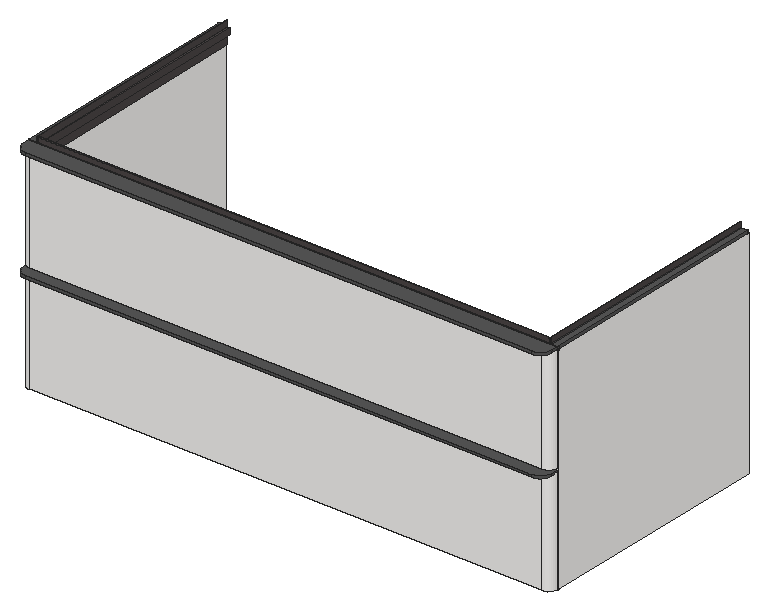
Revit family "vanity unit with 2 drawers for consoles with bowl", category Furniture, Revit 2019 (continued)
Definition of nested family "vanity unit 1180_550 with 2 drawers for consoles with bowl-54085000-dark walnut-chrome-400_content"
  Parameters (values of type "Vanity unit 1180_550 with 2 drawers for consoles with bowl-54085000-Dark Walnut-CHROME-400_Content")
    ContentVisible [instance] = yes
    CATALOG = "Hansgrohe"
    BIMOBJECT = "Sanitary: Compound units"
    BASENUMBER = "Vanity unit 1180/550 with 2 drawers for consoles with bowl"
    ARTNR = "54085000"
  Reference planes
    plane 1 "Center (Front/Back)": y = 0
    plane 2: z = 0
    plane 3 "Center (Left/Right)": x = 0
  Forms (mm)
    Extrusion 1, solid, visible <- "ContentVisible", detail levels medium+fine
      sketch origin (0, 0, 0) x (1, 0, 0) y (0, 1, 0)
        loop
          line (-590, 0) -> (-590, -527)
          arc (-590, -527) -> (-589.121, -529.121) -> (-587, -530) r 3
          line (-587, -530) -> (-574, -530) -> (-574, 0) -> (-590, 0)
      from 0 to 480
    Extrusion 2, solid, visible <- "ContentVisible", detail levels medium+fine
      sketch origin (0, 0, 0) x (1, 0, 0) y (0, 1, 0)
        loop
          line (-574, -133) -> (-574, -499.5) -> (574, -499.5) -> (574, -133) -> (-574, -133)
      from 0 to 16
    Extrusion 3, solid, visible <- "ContentVisible", detail levels medium+fine
      sketch origin (0, 0, 0) x (1, 0, 0) y (0, 1, 0)
        loop
          line (574, 0) -> (574, -530) -> (587, -530)
          arc (587, -530) -> (589.121, -529.121) -> (590, -527) r 3
          line (590, -527) -> (590, 0) -> (574, 0)
      from 0 to 480
    Extrusion 4, solid, visible <- "ContentVisible", detail levels medium+fine
      sketch origin (0, 0, 0) x (1, 0, 0) y (0, 1, 0)
        loop
          line (-574, -117) -> (-574, -133) -> (574, -133) -> (574, -117) -> (-574, -117)
      from 0 to 126
    Extrusion 5, solid, visible <- "ContentVisible", detail levels medium+fine
      sketch origin (0, 0, 2) x (1, 0, 0) y (0, 1, 0)
        loop
          arc (-590, -532) -> (-584.435, -545.435) -> (-571, -551) r 19
          line (-571, -551) -> (571, -551)
          arc (571, -551) -> (584.435, -545.435) -> (590, -532) r 19
          line (590, -532) -> (590, -530) -> (-590, -530) -> (-590, -532)
      from 0 to 234
    Extrusion 6, solid, visible <- "ContentVisible", detail levels medium+fine
      sketch origin (0, 0, 234) x (1, 0, 0) y (0, 1, 0)
        loop
          line (-588.5, -530) -> (-588.5, -546)
          arc (-588.5, -546) -> (-581.178, -563.678) -> (-563.5, -571) r 25
          line (-563.5, -571) -> (563.5, -571)
          arc (563.5, -571) -> (581.178, -563.678) -> (588.5, -546) r 25
          line (588.5, -546) -> (588.5, -530) -> (568.5, -530) -> (568.5, -528.5) -> (-568.5, -528.5) -> (-568.5, -530) -> (-588.5, -530)
      from 0 to 5
    Extrusion 7, solid, visible <- "ContentVisible", detail levels medium+fine
      sketch origin (0, 0, 0) x (0, 0, -1) y (0, 1, 0)
        loop
          line (-239, -528.5) -> (-239, -530) -> (-209, -530) -> (-209, -528.5) -> (-239, -528.5)
      from -568.5 to 568.5
    Extrusion 8, solid, visible <- "ContentVisible", detail levels medium+fine
      sketch origin (0, 0, 245) x (1, 0, 0) y (0, 1, 0)
        loop
          arc (-590, -532) -> (-584.435, -545.435) -> (-571, -551) r 19
          line (-571, -551) -> (571, -551)
          arc (571, -551) -> (584.435, -545.435) -> (590, -532) r 19
          line (590, -532) -> (590, -530) -> (-590, -530) -> (-590, -532)
      from 0 to 235
    Extrusion 9, solid, visible <- "ContentVisible", detail levels medium+fine
      sketch origin (0, 0, 480) x (1, 0, 0) y (0, 1, 0)
        loop
          line (-588.5, -530) -> (-588.5, -546)
          arc (-588.5, -546) -> (-581.178, -563.678) -> (-563.5, -571) r 25
          line (-563.5, -571) -> (563.5, -571)
          arc (563.5, -571) -> (581.178, -563.678) -> (588.5, -546) r 25
          line (588.5, -546) -> (588.5, -530) -> (568.5, -530) -> (568.5, -528.5) -> (-568.5, -528.5) -> (-568.5, -530) -> (-588.5, -530)
      from 0 to 5
    Extrusion 10, solid, visible <- "ContentVisible", detail levels medium+fine
      sketch origin (0, 0, 0) x (0, 0, -1) y (0, 1, 0)
        loop
          line (-485, -528.5) -> (-485, -530) -> (-455, -530) -> (-455, -528.5) -> (-485, -528.5)
      from -568.5 to 568.5
    Extrusion 11, solid, visible <- "ContentVisible", detail levels medium+fine
      sketch origin (0, 0, 0) x (1, 0, 0) y (0, 0, -1)
        loop
          line (-574, -447) -> (-574, -485) -> (-572.5, -485) -> (-572.5, -447) -> (-574, -447)
      from -530 to 0
    Extrusion 12, solid, visible <- "ContentVisible", detail levels medium+fine
      sketch origin (0, 0, 0) x (1, 0, 0) y (0, 0, -1)
        loop
          line (572.5, -446.8) -> (572.5, -485) -> (574, -485) -> (574, -446.8) -> (572.5, -446.8)
      from -530 to 0
    Extrusion 13, solid, visible <- "ContentVisible", detail levels medium+fine
      sketch origin (0, 0, 480) x (1, 0, 0) y (0, 1, 0)
        loop
          line (-590, -3) -> (-590, -527)
          arc (-590, -527) -> (-589.121, -529.121) -> (-587, -530) r 3
          line (-587, -530) -> (-574, -530) -> (-574, 0) -> (-587, 0)
          arc (-587, 0) -> (-589.121, -0.879) -> (-590, -3) r 3
      from 0 to 5
    Extrusion 14, solid, visible <- "ContentVisible", detail levels medium+fine
      sketch origin (0, 0, 480) x (1, 0, 0) y (0, 1, 0)
        loop
          line (574, 0) -> (574, -530) -> (587, -530)
          arc (587, -530) -> (589.121, -529.121) -> (590, -527) r 3
          line (590, -527) -> (590, -3)
          arc (590, -3) -> (589.121, -0.879) -> (587, 0) r 3
          line (587, 0) -> (574, 0)
      from 0 to 5
    Extrusion 15, solid, visible <- "ContentVisible", detail levels medium+fine
      sketch origin (0, 0, 0) x (1, 0, 0) y (0, 0, -1)
        loop
          line (-572.5, -447) -> (-572.5, -496) -> (-571, -496) -> (-571, -483) -> (-566.4, -483) -> (-566.4, -468.5) -> (-571, -468.5) -> (-571, -447) -> (-572.5, -447)
      from -528.5 to 0
    Extrusion 16, solid, visible <- "ContentVisible", detail levels medium+fine
      sketch origin (0, 0, 0) x (1, 0, 0) y (0, 0, -1)
        loop
          line (566.4, -468.5) -> (566.4, -483) -> (571, -483) -> (571, -496) -> (572.5, -496) -> (572.5, -447) -> (571, -447) -> (571, -468.5) -> (566.4, -468.5)
      from -528.5 to 0
    Extrusion 17, solid, visible <- "ContentVisible", detail levels medium+fine
      sketch origin (0, 0, 0) x (0, 0, -1) y (0, 1, 0)
        loop
          line (-496, -528.5) -> (-447, -528.5) -> (-447, -527) -> (-468.5, -527) -> (-468.5, -522.4) -> (-483, -522.4) -> (-483, -527) -> (-496, -527) -> (-496, -528.5)
      from -572.5 to 572.5
    Extrusion 18, solid, visible <- "ContentVisible", detail levels coarse
      sketch origin (0, -285.5, 0) x (1, 0, 0) y (0, 1, 0)
        loop
          line (-590, -285.5) -> (590, -285.5) -> (590, 285.5) -> (-590, 285.5) -> (-590, -285.5)
      from 0 to 496
  Dimensions and locks
    aligned and locked: level to plane 2
Definition of nested family "vanity unit 1180_550 with 2 drawers for consoles with bowl-54085670-dark walnut-matt_black-200_content"
  Parameters (values of type "Vanity unit 1180_550 with 2 drawers for consoles with bowl-54085670-Dark Walnut-MATT_BLACK-200_Content")
    etim7_EC011381 = "EC011381"
    WEIGHT = "42.7"
    UNSPSC = "56 | Furniture and Furnishings"
    UNIFORMATII = "E2010 | Fixed Furnishings"
    UNICLASS_2015_CODE = "40_30_78_05"
    UNICLASS2015 = "Pr_40_30_78_05 | Bathroom furniture"
    SURFACE = "MATT_BLACK"
    REGIONSET = "Worldwide"
    PRODUCTURL = "https://pro.hansgrohe.com/articledetail--54085000"
    PRODUCTGROUP = "vanity unit"
    PRODUCTFAMILY = "Xelu Q"
    PERMALINK = "54085XXX"
    OMNICLASS = "23-21 19 15 33 13 | Residential Bathroom Specialty Casework"
    OBJECTTYPE = "Object (single object)"
    OBERFLAECHE = "Dark Walnut"
    NN = "Vanity unit with 2 drawers for consoles with bowl"
    NBSYN = "$BASENUMBER.-$ARTNR.-$OBERFLAECHE.-$SURFACE.-$LODLEVEL."
    NB = "Vanity unit 1180/550 with 2 drawers for consoles with bowl-54085670-Dark Walnut-MATT_BLACK-200"
    NAME = "Xelu Q Vanity unit Dark Walnut 1180/550 with 2 drawers for consoles with bowl"
    Model = "Vanity unit 1180/550 with 2 drawers for consoles with bowl-54085670-Dark Walnut-MATT_BLACK-200"
    Manufacturer = "Hansgrohe"
    MASTERFORMAT = "12 35 30.23 | Bathroom Casework"
    LODLEVEL = "200"
    LINA = "Vanity unit 1180/550 with 2 drawers for consoles with bowl-54085670-Dark Walnut-MATT_BLACK-200"
    L = 1180
    IFC = "Furnishing element"
    GTINCODE = "4059625457009"
    ETIM = "EC011381 | Bathroom furniture set"
    Default Elevation = 1219.2 mm
    DESIGN = "Germany"
    ContentVisible [instance] = yes
    CATALOG = "Hansgrohe"
    BIMOBJECT = "Sanitary: Compound units"
    BASENUMBER = "Vanity unit 1180/550 with 2 drawers for consoles with bowl"
    ARTNR = "54085670"
  Reference planes
    plane 1 "Center (Front/Back)": y = 0
    plane 2: z = 0
    plane 3 "Center (Left/Right)": x = 0
  Forms (mm)
    Extrusion 1, solid, visible <- "ContentVisible", detail levels medium+fine
      sketch origin (0, 0, 0) x (1, 0, 0) y (0, 1, 0)
        loop
          line (-590, 0) -> (-590, -551) -> (590, -551) -> (590, 0) -> (574, 0) -> (574, -117) -> (-574, -117) -> (-574, 0) -> (-590, 0)
      from 0 to 480
    Extrusion 2, solid, visible <- "ContentVisible", detail levels medium+fine
      sketch origin (0, 0, 234) x (1, 0, 0) y (0, 1, 0)
        loop
          line (-588.5, -528.5) -> (-588.5, -571) -> (588.5, -571) -> (588.5, -528.5) -> (-588.5, -528.5)
      from 0 to 5
    Extrusion 3, solid, visible <- "ContentVisible", detail levels medium+fine
      sketch origin (0, 0, 480) x (1, 0, 0) y (0, 1, 0)
        loop
          line (-588.5, -528.5) -> (-588.5, -571) -> (588.5, -571) -> (588.5, -528.5) -> (-588.5, -528.5)
      from 0 to 5
    Extrusion 4, solid, visible <- "ContentVisible", detail levels medium+fine
      sketch origin (0, 0, 0) x (1, 0, 0) y (0, 0, -1)
        loop
          line (-574, -447) -> (-574, -485) -> (-572.5, -485) -> (-572.5, -447) -> (-574, -447)
      from -530 to 0
    Extrusion 5, solid, visible <- "ContentVisible", detail levels medium+fine
      sketch origin (0, 0, 0) x (1, 0, 0) y (0, 0, -1)
        loop
          line (572.5, -446.8) -> (572.5, -485) -> (574, -485) -> (574, -446.8) -> (572.5, -446.8)
      from -530 to 0
    Extrusion 6, solid, visible <- "ContentVisible", detail levels medium+fine
      sketch origin (0, 0, 480) x (1, 0, 0) y (0, 1, 0)
        loop
          line (-590, 0) -> (-590, -530) -> (-574, -530) -> (-574, 0) -> (-590, 0)
      from 0 to 5
    Extrusion 7, solid, visible <- "ContentVisible", detail levels medium+fine
      sketch origin (0, 0, 480) x (1, 0, 0) y (0, 1, 0)
        loop
          line (574, 0) -> (574, -530) -> (590, -530) -> (590, 0) -> (574, 0)
      from 0 to 5
    Extrusion 8, solid, visible <- "ContentVisible", detail levels medium+fine
      sketch origin (0, 0, 0) x (1, 0, 0) y (0, 0, -1)
        loop
          line (-572.5, -447) -> (-572.5, -496) -> (-566.4, -496) -> (-566.4, -447) -> (-572.5, -447)
      from -528.5 to 0
    Extrusion 9, solid, visible <- "ContentVisible", detail levels medium+fine
      sketch origin (0, 0, 0) x (1, 0, 0) y (0, 0, -1)
        loop
          line (566.4, -447) -> (566.4, -496) -> (572.5, -496) -> (572.5, -447) -> (566.4, -447)
      from -528.5 to 0
    Extrusion 10, solid, visible <- "ContentVisible", detail levels medium+fine
      sketch origin (0, 0, 0) x (0, 0, -1) y (0, 1, 0)
        loop
          line (-496, -528.5) -> (-447, -528.5) -> (-447, -522.4) -> (-496, -522.4) -> (-496, -528.5)
      from -572.5 to 572.5
    Extrusion 11, solid, visible <- "ContentVisible", detail levels coarse
      sketch origin (0, -285.5, 0) x (1, 0, 0) y (0, 1, 0)
        loop
          line (-590, -285.5) -> (590, -285.5) -> (590, 285.5) -> (-590, 285.5) -> (-590, -285.5)
      from 0 to 496
  Dimensions and locks
    aligned and locked: level to plane 2
Definition of nested family "vanity unit 1180_550 with 2 drawers for consoles with bowl-54085670-dark walnut-matt_black-400_content"
  Parameters (values of type "Vanity unit 1180_550 with 2 drawers for consoles with bowl-54085670-Dark Walnut-MATT_BLACK-400_Content")
    etim7_EC011381 = "EC011381"
    WEIGHT = "42.7"
    UNSPSC = "56 | Furniture and Furnishings"
    UNIFORMATII = "E2010 | Fixed Furnishings"
    UNICLASS_2015_CODE = "40_30_78_05"
    UNICLASS2015 = "Pr_40_30_78_05 | Bathroom furniture"
    SURFACE = "MATT_BLACK"
    REGIONSET = "Worldwide"
    PRODUCTURL = "https://pro.hansgrohe.com/articledetail--54085000"
    PRODUCTGROUP = "vanity unit"
    PRODUCTFAMILY = "Xelu Q"
    PERMALINK = "54085XXX"
    OMNICLASS = "23-21 19 15 33 13 | Residential Bathroom Specialty Casework"
    OBJECTTYPE = "Object (single object)"
    OBERFLAECHE = "Dark Walnut"
    NN = "Vanity unit with 2 drawers for consoles with bowl"
    NBSYN = "$BASENUMBER.-$ARTNR.-$OBERFLAECHE.-$SURFACE.-$LODLEVEL."
    NB = "Vanity unit 1180/550 with 2 drawers for consoles with bowl-54085670-Dark Walnut-MATT_BLACK-400"
    NAME = "Xelu Q Vanity unit Dark Walnut 1180/550 with 2 drawers for consoles with bowl"
    Model = "Vanity unit 1180/550 with 2 drawers for consoles with bowl-54085670-Dark Walnut-MATT_BLACK-400"
    Manufacturer = "Hansgrohe"
    MASTERFORMAT = "12 35 30.23 | Bathroom Casework"
    LODLEVEL = "400"
    LINA = "Vanity unit 1180/550 with 2 drawers for consoles with bowl-54085670-Dark Walnut-MATT_BLACK-400"
    L = 1180
    IFC = "Furnishing element"
    GTINCODE = "4059625457009"
    ETIM = "EC011381 | Bathroom furniture set"
    Default Elevation = 1219.2 mm
    DESIGN = "Germany"
    ContentVisible [instance] = yes
    CATALOG = "Hansgrohe"
    BIMOBJECT = "Sanitary: Compound units"
    BASENUMBER = "Vanity unit 1180/550 with 2 drawers for consoles with bowl"
    ARTNR = "54085670"
  Reference planes
    plane 1 "Center (Front/Back)": y = 0
    plane 2: z = 0
    plane 3 "Center (Left/Right)": x = 0
  Forms (mm)
    Extrusion 1, solid, visible <- "ContentVisible", detail levels medium+fine
      sketch origin (0, 0, 0) x (1, 0, 0) y (0, 1, 0)
        loop
          line (-590, 0) -> (-590, -527)
          arc (-590, -527) -> (-589.121, -529.121) -> (-587, -530) r 3
          line (-587, -530) -> (-574, -530) -> (-574, 0) -> (-590, 0)
      from 0 to 480
    Extrusion 2, solid, visible <- "ContentVisible", detail levels medium+fine
      sketch origin (0, 0, 0) x (1, 0, 0) y (0, 1, 0)
        loop
          line (-574, -133) -> (-574, -499.5) -> (574, -499.5) -> (574, -133) -> (-574, -133)
      from 0 to 16
    Extrusion 3, solid, visible <- "ContentVisible", detail levels medium+fine
      sketch origin (0, 0, 0) x (1, 0, 0) y (0, 1, 0)
        loop
          line (574, 0) -> (574, -530) -> (587, -530)
          arc (587, -530) -> (589.121, -529.121) -> (590, -527) r 3
          line (590, -527) -> (590, 0) -> (574, 0)
      from 0 to 480
    Extrusion 4, solid, visible <- "ContentVisible", detail levels medium+fine
      sketch origin (0, 0, 0) x (1, 0, 0) y (0, 1, 0)
        loop
          line (-574, -117) -> (-574, -133) -> (574, -133) -> (574, -117) -> (-574, -117)
      from 0 to 126
    Extrusion 5, solid, visible <- "ContentVisible", detail levels medium+fine
      sketch origin (0, 0, 2) x (1, 0, 0) y (0, 1, 0)
        loop
          arc (-590, -532) -> (-584.435, -545.435) -> (-571, -551) r 19
          line (-571, -551) -> (571, -551)
          arc (571, -551) -> (584.435, -545.435) -> (590, -532) r 19
          line (590, -532) -> (590, -530) -> (-590, -530) -> (-590, -532)
      from 0 to 234
    Extrusion 6, solid, visible <- "ContentVisible", detail levels medium+fine
      sketch origin (0, 0, 234) x (1, 0, 0) y (0, 1, 0)
        loop
          line (-588.5, -530) -> (-588.5, -546)
          arc (-588.5, -546) -> (-581.178, -563.678) -> (-563.5, -571) r 25
          line (-563.5, -571) -> (563.5, -571)
          arc (563.5, -571) -> (581.178, -563.678) -> (588.5, -546) r 25
          line (588.5, -546) -> (588.5, -530) -> (568.5, -530) -> (568.5, -528.5) -> (-568.5, -528.5) -> (-568.5, -530) -> (-588.5, -530)
      from 0 to 5
    Extrusion 7, solid, visible <- "ContentVisible", detail levels medium+fine
      sketch origin (0, 0, 0) x (0, 0, -1) y (0, 1, 0)
        loop
          line (-239, -528.5) -> (-239, -530) -> (-209, -530) -> (-209, -528.5) -> (-239, -528.5)
      from -568.5 to 568.5
    Extrusion 8, solid, visible <- "ContentVisible", detail levels medium+fine
      sketch origin (0, 0, 245) x (1, 0, 0) y (0, 1, 0)
        loop
          arc (-590, -532) -> (-584.435, -545.435) -> (-571, -551) r 19
          line (-571, -551) -> (571, -551)
          arc (571, -551) -> (584.435, -545.435) -> (590, -532) r 19
          line (590, -532) -> (590, -530) -> (-590, -530) -> (-590, -532)
      from 0 to 235
    Extrusion 9, solid, visible <- "ContentVisible", detail levels medium+fine
      sketch origin (0, 0, 480) x (1, 0, 0) y (0, 1, 0)
        loop
          line (-588.5, -530) -> (-588.5, -546)
          arc (-588.5, -546) -> (-581.178, -563.678) -> (-563.5, -571) r 25
          line (-563.5, -571) -> (563.5, -571)
          arc (563.5, -571) -> (581.178, -563.678) -> (588.5, -546) r 25
          line (588.5, -546) -> (588.5, -530) -> (568.5, -530) -> (568.5, -528.5) -> (-568.5, -528.5) -> (-568.5, -530) -> (-588.5, -530)
      from 0 to 5
    Extrusion 10, solid, visible <- "ContentVisible", detail levels medium+fine
      sketch origin (0, 0, 0) x (0, 0, -1) y (0, 1, 0)
        loop
          line (-485, -528.5) -> (-485, -530) -> (-455, -530) -> (-455, -528.5) -> (-485, -528.5)
      from -568.5 to 568.5
    Extrusion 11, solid, visible <- "ContentVisible", detail levels medium+fine
      sketch origin (0, 0, 0) x (1, 0, 0) y (0, 0, -1)
        loop
          line (-574, -447) -> (-574, -485) -> (-572.5, -485) -> (-572.5, -447) -> (-574, -447)
      from -530 to 0
    Extrusion 12, solid, visible <- "ContentVisible", detail levels medium+fine
      sketch origin (0, 0, 0) x (1, 0, 0) y (0, 0, -1)
        loop
          line (572.5, -446.8) -> (572.5, -485) -> (574, -485) -> (574, -446.8) -> (572.5, -446.8)
      from -530 to 0
    Extrusion 13, solid, visible <- "ContentVisible", detail levels medium+fine
      sketch origin (0, 0, 480) x (1, 0, 0) y (0, 1, 0)
        loop
          line (-590, -3) -> (-590, -527)
          arc (-590, -527) -> (-589.121, -529.121) -> (-587, -530) r 3
          line (-587, -530) -> (-574, -530) -> (-574, 0) -> (-587, 0)
          arc (-587, 0) -> (-589.121, -0.879) -> (-590, -3) r 3
      from 0 to 5
    Extrusion 14, solid, visible <- "ContentVisible", detail levels medium+fine
      sketch origin (0, 0, 480) x (1, 0, 0) y (0, 1, 0)
        loop
          line (574, 0) -> (574, -530) -> (587, -530)
          arc (587, -530) -> (589.121, -529.121) -> (590, -527) r 3
          line (590, -527) -> (590, -3)
          arc (590, -3) -> (589.121, -0.879) -> (587, 0) r 3
          line (587, 0) -> (574, 0)
      from 0 to 5
    Extrusion 15, solid, visible <- "ContentVisible", detail levels medium+fine
      sketch origin (0, 0, 0) x (1, 0, 0) y (0, 0, -1)
        loop
          line (-572.5, -447) -> (-572.5, -496) -> (-571, -496) -> (-571, -483) -> (-566.4, -483) -> (-566.4, -468.5) -> (-571, -468.5) -> (-571, -447) -> (-572.5, -447)
      from -528.5 to 0
    Extrusion 16, solid, visible <- "ContentVisible", detail levels medium+fine
      sketch origin (0, 0, 0) x (1, 0, 0) y (0, 0, -1)
        loop
          line (566.4, -468.5) -> (566.4, -483) -> (571, -483) -> (571, -496) -> (572.5, -496) -> (572.5, -447) -> (571, -447) -> (571, -468.5) -> (566.4, -468.5)
      from -528.5 to 0
    Extrusion 17, solid, visible <- "ContentVisible", detail levels medium+fine
      sketch origin (0, 0, 0) x (0, 0, -1) y (0, 1, 0)
        loop
          line (-496, -528.5) -> (-447, -528.5) -> (-447, -527) -> (-468.5, -527) -> (-468.5, -522.4) -> (-483, -522.4) -> (-483, -527) -> (-496, -527) -> (-496, -528.5)
      from -572.5 to 572.5
    Extrusion 18, solid, visible <- "ContentVisible", detail levels coarse
      sketch origin (0, -285.5, 0) x (1, 0, 0) y (0, 1, 0)
        loop
          line (-590, -285.5) -> (590, -285.5) -> (590, 285.5) -> (-590, 285.5) -> (-590, -285.5)
      from 0 to 496
  Dimensions and locks
    aligned and locked: level to plane 2
Definition of nested family "vanity unit 1180_550 with 2 drawers for consoles with bowl-54085700-dark walnut-matt_white-200_content"
  Parameters (values of type "Vanity unit 1180_550 with 2 drawers for consoles with bowl-54085700-Dark Walnut-MATT_WHITE-200_Content")
    etim7_EC011381 = "EC011381"
    WEIGHT = "42.7"
    UNSPSC = "56 | Furniture and Furnishings"
    UNIFORMATII = "E2010 | Fixed Furnishings"
    UNICLASS_2015_CODE = "40_30_78_05"
    UNICLASS2015 = "Pr_40_30_78_05 | Bathroom furniture"
    SURFACE = "MATT_WHITE"
    REGIONSET = "Worldwide"
    PRODUCTURL = "https://pro.hansgrohe.com/articledetail--54085000"
    PRODUCTGROUP = "vanity unit"
    PRODUCTFAMILY = "Xelu Q"
    PERMALINK = "54085XXX"
    OMNICLASS = "23-21 19 15 33 13 | Residential Bathroom Specialty Casework"
    OBJECTTYPE = "Object (single object)"
    OBERFLAECHE = "Dark Walnut"
    NN = "Vanity unit with 2 drawers for consoles with bowl"
    NBSYN = "$BASENUMBER.-$ARTNR.-$OBERFLAECHE.-$SURFACE.-$LODLEVEL."
    NB = "Vanity unit 1180/550 with 2 drawers for consoles with bowl-54085700-Dark Walnut-MATT_WHITE-200"
    NAME = "Xelu Q Vanity unit Dark Walnut 1180/550 with 2 drawers for consoles with bowl"
    Model = "Vanity unit 1180/550 with 2 drawers for consoles with bowl-54085700-Dark Walnut-MATT_WHITE-200"
    Manufacturer = "Hansgrohe"
    MASTERFORMAT = "12 35 30.23 | Bathroom Casework"
    LODLEVEL = "200"
    LINA = "Vanity unit 1180/550 with 2 drawers for consoles with bowl-54085700-Dark Walnut-MATT_WHITE-200"
    L = 1180
    IFC = "Furnishing element"
    GTINCODE = "4059625457009"
    ETIM = "EC011381 | Bathroom furniture set"
    Default Elevation = 1219.2 mm
    DESIGN = "Germany"
    ContentVisible [instance] = yes
    CATALOG = "Hansgrohe"
    BIMOBJECT = "Sanitary: Compound units"
    BASENUMBER = "Vanity unit 1180/550 with 2 drawers for consoles with bowl"
    ARTNR = "54085700"
  Reference planes
    plane 1 "Center (Front/Back)": y = 0
    plane 2: z = 0
    plane 3 "Center (Left/Right)": x = 0
  Forms (mm)
    Extrusion 1, solid, visible <- "ContentVisible", detail levels medium+fine
      sketch origin (0, 0, 0) x (1, 0, 0) y (0, 1, 0)
        loop
          line (-590, 0) -> (-590, -551) -> (590, -551) -> (590, 0) -> (574, 0) -> (574, -117) -> (-574, -117) -> (-574, 0) -> (-590, 0)
      from 0 to 480
    Extrusion 2, solid, visible <- "ContentVisible", detail levels medium+fine
      sketch origin (0, 0, 234) x (1, 0, 0) y (0, 1, 0)
        loop
          line (-588.5, -528.5) -> (-588.5, -571) -> (588.5, -571) -> (588.5, -528.5) -> (-588.5, -528.5)
      from 0 to 5
    Extrusion 3, solid, visible <- "ContentVisible", detail levels medium+fine
      sketch origin (0, 0, 480) x (1, 0, 0) y (0, 1, 0)
        loop
          line (-588.5, -528.5) -> (-588.5, -571) -> (588.5, -571) -> (588.5, -528.5) -> (-588.5, -528.5)
      from 0 to 5
    Extrusion 4, solid, visible <- "ContentVisible", detail levels medium+fine
      sketch origin (0, 0, 0) x (1, 0, 0) y (0, 0, -1)
        loop
          line (-574, -447) -> (-574, -485) -> (-572.5, -485) -> (-572.5, -447) -> (-574, -447)
      from -530 to 0
    Extrusion 5, solid, visible <- "ContentVisible", detail levels medium+fine
      sketch origin (0, 0, 0) x (1, 0, 0) y (0, 0, -1)
        loop
          line (572.5, -446.8) -> (572.5, -485) -> (574, -485) -> (574, -446.8) -> (572.5, -446.8)
      from -530 to 0
    Extrusion 6, solid, visible <- "ContentVisible", detail levels medium+fine
      sketch origin (0, 0, 480) x (1, 0, 0) y (0, 1, 0)
        loop
          line (-590, 0) -> (-590, -530) -> (-574, -530) -> (-574, 0) -> (-590, 0)
      from 0 to 5
    Extrusion 7, solid, visible <- "ContentVisible", detail levels medium+fine
      sketch origin (0, 0, 480) x (1, 0, 0) y (0, 1, 0)
        loop
          line (574, 0) -> (574, -530) -> (590, -530) -> (590, 0) -> (574, 0)
      from 0 to 5
    Extrusion 8, solid, visible <- "ContentVisible", detail levels medium+fine
      sketch origin (0, 0, 0) x (1, 0, 0) y (0, 0, -1)
        loop
          line (-572.5, -447) -> (-572.5, -496) -> (-566.4, -496) -> (-566.4, -447) -> (-572.5, -447)
      from -528.5 to 0
    Extrusion 9, solid, visible <- "ContentVisible", detail levels medium+fine
      sketch origin (0, 0, 0) x (1, 0, 0) y (0, 0, -1)
        loop
          line (566.4, -447) -> (566.4, -496) -> (572.5, -496) -> (572.5, -447) -> (566.4, -447)
      from -528.5 to 0
    Extrusion 10, solid, visible <- "ContentVisible", detail levels medium+fine
      sketch origin (0, 0, 0) x (0, 0, -1) y (0, 1, 0)
        loop
          line (-496, -528.5) -> (-447, -528.5) -> (-447, -522.4) -> (-496, -522.4) -> (-496, -528.5)
      from -572.5 to 572.5
    Extrusion 11, solid, visible <- "ContentVisible", detail levels coarse
      sketch origin (0, -285.5, 0) x (1, 0, 0) y (0, 1, 0)
        loop
          line (-590, -285.5) -> (590, -285.5) -> (590, 285.5) -> (-590, 285.5) -> (-590, -285.5)
      from 0 to 496
  Dimensions and locks
    aligned and locked: level to plane 2
Definition of nested family "vanity unit 1180_550 with 2 drawers for consoles with bowl-54085700-dark walnut-matt_white-400_content"
  Parameters (values of type "Vanity unit 1180_550 with 2 drawers for consoles with bowl-54085700-Dark Walnut-MATT_WHITE-400_Content")
    etim7_EC011381 = "EC011381"
    WEIGHT = "42.7"
    UNSPSC = "56 | Furniture and Furnishings"
    UNIFORMATII = "E2010 | Fixed Furnishings"
    UNICLASS_2015_CODE = "40_30_78_05"
    UNICLASS2015 = "Pr_40_30_78_05 | Bathroom furniture"
    SURFACE = "MATT_WHITE"
    REGIONSET = "Worldwide"
    PRODUCTURL = "https://pro.hansgrohe.com/articledetail--54085000"
    PRODUCTGROUP = "vanity unit"
    PRODUCTFAMILY = "Xelu Q"
    PERMALINK = "54085XXX"
    OMNICLASS = "23-21 19 15 33 13 | Residential Bathroom Specialty Casework"
    OBJECTTYPE = "Object (single object)"
    OBERFLAECHE = "Dark Walnut"
    NN = "Vanity unit with 2 drawers for consoles with bowl"
    NBSYN = "$BASENUMBER.-$ARTNR.-$OBERFLAECHE.-$SURFACE.-$LODLEVEL."
    NB = "Vanity unit 1180/550 with 2 drawers for consoles with bowl-54085700-Dark Walnut-MATT_WHITE-400"
    NAME = "Xelu Q Vanity unit Dark Walnut 1180/550 with 2 drawers for consoles with bowl"
    Model = "Vanity unit 1180/550 with 2 drawers for consoles with bowl-54085700-Dark Walnut-MATT_WHITE-400"
    Manufacturer = "Hansgrohe"
    MASTERFORMAT = "12 35 30.23 | Bathroom Casework"
    LODLEVEL = "400"
    LINA = "Vanity unit 1180/550 with 2 drawers for consoles with bowl-54085700-Dark Walnut-MATT_WHITE-400"
    L = 1180
    IFC = "Furnishing element"
    GTINCODE = "4059625457009"
    ETIM = "EC011381 | Bathroom furniture set"
    Default Elevation = 1219.2 mm
    DESIGN = "Germany"
    ContentVisible [instance] = yes
    CATALOG = "Hansgrohe"
    BIMOBJECT = "Sanitary: Compound units"
    BASENUMBER = "Vanity unit 1180/550 with 2 drawers for consoles with bowl"
    ARTNR = "54085700"
  Reference planes
    plane 1 "Center (Front/Back)": y = 0
    plane 2: z = 0
    plane 3 "Center (Left/Right)": x = 0
  Forms (mm)
    Extrusion 1, solid, visible <- "ContentVisible", detail levels medium+fine
      sketch origin (0, 0, 0) x (1, 0, 0) y (0, 1, 0)
        loop
          line (-590, 0) -> (-590, -527)
          arc (-590, -527) -> (-589.121, -529.121) -> (-587, -530) r 3
          line (-587, -530) -> (-574, -530) -> (-574, 0) -> (-590, 0)
      from 0 to 480
    Extrusion 2, solid, visible <- "ContentVisible", detail levels medium+fine
      sketch origin (0, 0, 0) x (1, 0, 0) y (0, 1, 0)
        loop
          line (-574, -133) -> (-574, -499.5) -> (574, -499.5) -> (574, -133) -> (-574, -133)
      from 0 to 16
    Extrusion 3, solid, visible <- "ContentVisible", detail levels medium+fine
      sketch origin (0, 0, 0) x (1, 0, 0) y (0, 1, 0)
        loop
          line (574, 0) -> (574, -530) -> (587, -530)
          arc (587, -530) -> (589.121, -529.121) -> (590, -527) r 3
          line (590, -527) -> (590, 0) -> (574, 0)
      from 0 to 480
    Extrusion 4, solid, visible <- "ContentVisible", detail levels medium+fine
      sketch origin (0, 0, 0) x (1, 0, 0) y (0, 1, 0)
        loop
          line (-574, -117) -> (-574, -133) -> (574, -133) -> (574, -117) -> (-574, -117)
      from 0 to 126
    Extrusion 5, solid, visible <- "ContentVisible", detail levels medium+fine
      sketch origin (0, 0, 2) x (1, 0, 0) y (0, 1, 0)
        loop
          arc (-590, -532) -> (-584.435, -545.435) -> (-571, -551) r 19
          line (-571, -551) -> (571, -551)
          arc (571, -551) -> (584.435, -545.435) -> (590, -532) r 19
          line (590, -532) -> (590, -530) -> (-590, -530) -> (-590, -532)
      from 0 to 234
    Extrusion 6, solid, visible <- "ContentVisible", detail levels medium+fine
      sketch origin (0, 0, 234) x (1, 0, 0) y (0, 1, 0)
        loop
          line (-588.5, -530) -> (-588.5, -546)
          arc (-588.5, -546) -> (-581.178, -563.678) -> (-563.5, -571) r 25
          line (-563.5, -571) -> (563.5, -571)
          arc (563.5, -571) -> (581.178, -563.678) -> (588.5, -546) r 25
          line (588.5, -546) -> (588.5, -530) -> (568.5, -530) -> (568.5, -528.5) -> (-568.5, -528.5) -> (-568.5, -530) -> (-588.5, -530)
      from 0 to 5
    Extrusion 7, solid, visible <- "ContentVisible", detail levels medium+fine
      sketch origin (0, 0, 0) x (0, 0, -1) y (0, 1, 0)
        loop
          line (-239, -528.5) -> (-239, -530) -> (-209, -530) -> (-209, -528.5) -> (-239, -528.5)
      from -568.5 to 568.5
    Extrusion 8, solid, visible <- "ContentVisible", detail levels medium+fine
      sketch origin (0, 0, 245) x (1, 0, 0) y (0, 1, 0)
        loop
          arc (-590, -532) -> (-584.435, -545.435) -> (-571, -551) r 19
          line (-571, -551) -> (571, -551)
          arc (571, -551) -> (584.435, -545.435) -> (590, -532) r 19
          line (590, -532) -> (590, -530) -> (-590, -530) -> (-590, -532)
      from 0 to 235
    Extrusion 9, solid, visible <- "ContentVisible", detail levels medium+fine
      sketch origin (0, 0, 480) x (1, 0, 0) y (0, 1, 0)
        loop
          line (-588.5, -530) -> (-588.5, -546)
          arc (-588.5, -546) -> (-581.178, -563.678) -> (-563.5, -571) r 25
          line (-563.5, -571) -> (563.5, -571)
          arc (563.5, -571) -> (581.178, -563.678) -> (588.5, -546) r 25
          line (588.5, -546) -> (588.5, -530) -> (568.5, -530) -> (568.5, -528.5) -> (-568.5, -528.5) -> (-568.5, -530) -> (-588.5, -530)
      from 0 to 5
    Extrusion 10, solid, visible <- "ContentVisible", detail levels medium+fine
      sketch origin (0, 0, 0) x (0, 0, -1) y (0, 1, 0)
        loop
          line (-485, -528.5) -> (-485, -530) -> (-455, -530) -> (-455, -528.5) -> (-485, -528.5)
      from -568.5 to 568.5
    Extrusion 11, solid, visible <- "ContentVisible", detail levels medium+fine
      sketch origin (0, 0, 0) x (1, 0, 0) y (0, 0, -1)
        loop
          line (-574, -447) -> (-574, -485) -> (-572.5, -485) -> (-572.5, -447) -> (-574, -447)
      from -530 to 0
    Extrusion 12, solid, visible <- "ContentVisible", detail levels medium+fine
      sketch origin (0, 0, 0) x (1, 0, 0) y (0, 0, -1)
        loop
          line (572.5, -446.8) -> (572.5, -485) -> (574, -485) -> (574, -446.8) -> (572.5, -446.8)
      from -530 to 0
    Extrusion 13, solid, visible <- "ContentVisible", detail levels medium+fine
      sketch origin (0, 0, 480) x (1, 0, 0) y (0, 1, 0)
        loop
          line (-590, -3) -> (-590, -527)
          arc (-590, -527) -> (-589.121, -529.121) -> (-587, -530) r 3
          line (-587, -530) -> (-574, -530) -> (-574, 0) -> (-587, 0)
          arc (-587, 0) -> (-589.121, -0.879) -> (-590, -3) r 3
      from 0 to 5
    Extrusion 14, solid, visible <- "ContentVisible", detail levels medium+fine
      sketch origin (0, 0, 480) x (1, 0, 0) y (0, 1, 0)
        loop
          line (574, 0) -> (574, -530) -> (587, -530)
          arc (587, -530) -> (589.121, -529.121) -> (590, -527) r 3
          line (590, -527) -> (590, -3)
          arc (590, -3) -> (589.121, -0.879) -> (587, 0) r 3
          line (587, 0) -> (574, 0)
      from 0 to 5
    Extrusion 15, solid, visible <- "ContentVisible", detail levels medium+fine
      sketch origin (0, 0, 0) x (1, 0, 0) y (0, 0, -1)
        loop
          line (-572.5, -447) -> (-572.5, -496) -> (-571, -496) -> (-571, -483) -> (-566.4, -483) -> (-566.4, -468.5) -> (-571, -468.5) -> (-571, -447) -> (-572.5, -447)
      from -528.5 to 0
    Extrusion 16, solid, visible <- "ContentVisible", detail levels medium+fine
      sketch origin (0, 0, 0) x (1, 0, 0) y (0, 0, -1)
        loop
          line (566.4, -468.5) -> (566.4, -483) -> (571, -483) -> (571, -496) -> (572.5, -496) -> (572.5, -447) -> (571, -447) -> (571, -468.5) -> (566.4, -468.5)
      from -528.5 to 0
    Extrusion 17, solid, visible <- "ContentVisible", detail levels medium+fine
      sketch origin (0, 0, 0) x (0, 0, -1) y (0, 1, 0)
        loop
          line (-496, -528.5) -> (-447, -528.5) -> (-447, -527) -> (-468.5, -527) -> (-468.5, -522.4) -> (-483, -522.4) -> (-483, -527) -> (-496, -527) -> (-496, -528.5)
      from -572.5 to 572.5
    Extrusion 18, solid, visible <- "ContentVisible", detail levels coarse
      sketch origin (0, -285.5, 0) x (1, 0, 0) y (0, 1, 0)
        loop
          line (-590, -285.5) -> (590, -285.5) -> (590, 285.5) -> (-590, 285.5) -> (-590, -285.5)
      from 0 to 496
  Dimensions and locks
    aligned and locked: level to plane 2
Definition of nested family "vanity unit 780_550 with 2 drawers for consoles with bowl-54074000-high gloss white-chrome-200_content"
  Parameters (values of type "Vanity unit 780_550 with 2 drawers for consoles with bowl-54074000-High Gloss White-CHROME-200_Content")
    etim7_EC011381 = "EC011381"
    WEIGHT = "31.3"
    UNSPSC = "56 | Furniture and Furnishings"
    UNIFORMATII = "E2010 | Fixed Furnishings"
    UNICLASS_2015_CODE = "40_30_78_05"
    UNICLASS2015 = "Pr_40_30_78_05 | Bathroom furniture"
    SURFACE = "CHROME"
    REGIONSET = "Worldwide"
    PRODUCTURL = "https://pro.hansgrohe.com/articledetail--54074000"
    PRODUCTGROUP = "vanity unit"
    PRODUCTFAMILY = "Xelu Q"
    PERMALINK = "54074XXX"
    OMNICLASS = "23-21 19 15 33 13 | Residential Bathroom Specialty Casework"
    OBJECTTYPE = "Object (single object)"
    OBERFLAECHE = "High Gloss White"
    NN = "Vanity unit with 2 drawers for consoles with bowl"
    NBSYN = "$BASENUMBER.-$ARTNR.-$OBERFLAECHE.-$SURFACE.-$LODLEVEL."
    NB = "Vanity unit 780/550 with 2 drawers for consoles with bowl-54074000-High Gloss White-CHROME-200"
    NAME = "Xelu Q Vanity unit High Gloss White 780/550 with 2 drawers for consoles with bowl"
    Model = "Vanity unit 780/550 with 2 drawers for consoles with bowl-54074000-High Gloss White-CHROME-200"
    Manufacturer = "Hansgrohe"
    MASTERFORMAT = "12 35 30.23 | Bathroom Casework"
    LODLEVEL = "200"
    LINA = "Vanity unit 780/550 with 2 drawers for consoles with bowl-54074000-High Gloss White-CHROME-200"
    L = 780
    IFC = "Furnishing element"
    GTINCODE = "4059625456538"
    ETIM = "EC011381 | Bathroom furniture set"
    Default Elevation = 1219.2 mm
    DESIGN = "Germany"
    ContentVisible [instance] = yes
    CATALOG = "Hansgrohe"
    BIMOBJECT = "Sanitary: Compound units"
    BASENUMBER = "Vanity unit 780/550 with 2 drawers for consoles with bowl"
    ARTNR = "54074000"
  Reference planes
    plane 1 "Center (Front/Back)": y = 0
    plane 2: z = 0
    plane 3 "Center (Left/Right)": x = 0
  Forms (mm)
    Extrusion 1, solid, visible <- "ContentVisible", detail levels medium+fine
      sketch origin (0, 0, 0) x (1, 0, 0) y (0, 1, 0)
        loop
          line (-390, 0) -> (-390, -551) -> (390, -551) -> (390, 0) -> (374, 0) -> (374, -117) -> (-374, -117) -> (-374, 0) -> (-390, 0)
      from 0 to 480
    Extrusion 2, solid, visible <- "ContentVisible", detail levels medium+fine
      sketch origin (0, 0, 234) x (1, 0, 0) y (0, 1, 0)
        loop
          line (-388.5, -528.5) -> (-388.5, -571) -> (388.5, -571) -> (388.5, -528.5) -> (-388.5, -528.5)
      from 0 to 5
    Extrusion 3, solid, visible <- "ContentVisible", detail levels medium+fine
      sketch origin (0, 0, 480) x (1, 0, 0) y (0, 1, 0)
        loop
          line (-388.5, -528.5) -> (-388.5, -571) -> (388.5, -571) -> (388.5, -528.5) -> (-388.5, -528.5)
      from 0 to 5
    Extrusion 4, solid, visible <- "ContentVisible", detail levels medium+fine
      sketch origin (0, 0, 0) x (1, 0, 0) y (0, 0, -1)
        loop
          line (-374, -447) -> (-374, -485) -> (-372.5, -485) -> (-372.5, -447) -> (-374, -447)
      from -530 to 0
    Extrusion 5, solid, visible <- "ContentVisible", detail levels medium+fine
      sketch origin (0, 0, 0) x (1, 0, 0) y (0, 0, -1)
        loop
          line (372.5, -446.8) -> (372.5, -485) -> (374, -485) -> (374, -446.8) -> (372.5, -446.8)
      from -530 to 0
    Extrusion 6, solid, visible <- "ContentVisible", detail levels medium+fine
      sketch origin (0, 0, 480) x (1, 0, 0) y (0, 1, 0)
        loop
          line (-390, 0) -> (-390, -530) -> (-374, -530) -> (-374, 0) -> (-390, 0)
      from 0 to 5
    Extrusion 7, solid, visible <- "ContentVisible", detail levels medium+fine
      sketch origin (0, 0, 480) x (1, 0, 0) y (0, 1, 0)
        loop
          line (374, 0) -> (374, -530) -> (390, -530) -> (390, 0) -> (374, 0)
      from 0 to 5
    Extrusion 8, solid, visible <- "ContentVisible", detail levels medium+fine
      sketch origin (0, 0, 0) x (1, 0, 0) y (0, 0, -1)
        loop
          line (-372.5, -447) -> (-372.5, -496) -> (-366.4, -496) -> (-366.4, -447) -> (-372.5, -447)
      from -528.5 to 0
    Extrusion 9, solid, visible <- "ContentVisible", detail levels medium+fine
      sketch origin (0, 0, 0) x (1, 0, 0) y (0, 0, -1)
        loop
          line (366.4, -447) -> (366.4, -496) -> (372.5, -496) -> (372.5, -447) -> (366.4, -447)
      from -528.5 to 0
    Extrusion 10, solid, visible <- "ContentVisible", detail levels medium+fine
      sketch origin (0, 0, 0) x (0, 0, -1) y (0, 1, 0)
        loop
          line (-496, -528.5) -> (-447, -528.5) -> (-447, -522.4) -> (-496, -522.4) -> (-496, -528.5)
      from -372.5 to 372.5
    Extrusion 11, solid, visible <- "ContentVisible", detail levels coarse
      sketch origin (0, -285.5, 0) x (1, 0, 0) y (0, 1, 0)
        loop
          line (-390, -285.5) -> (390, -285.5) -> (390, 285.5) -> (-390, 285.5) -> (-390, -285.5)
      from 0 to 496
  Dimensions and locks
    aligned and locked: level to plane 2
Definition of nested family "vanity unit 780_550 with 2 drawers for consoles with bowl-54074000-high gloss white-chrome-400_content"
  Parameters (values of type "Vanity unit 780_550 with 2 drawers for consoles with bowl-54074000-High Gloss White-CHROME-400_Content")
    etim7_EC011381 = "EC011381"
    WEIGHT = "31.3"
    UNSPSC = "56 | Furniture and Furnishings"
    UNIFORMATII = "E2010 | Fixed Furnishings"
    UNICLASS_2015_CODE = "40_30_78_05"
    UNICLASS2015 = "Pr_40_30_78_05 | Bathroom furniture"
    SURFACE = "CHROME"
    REGIONSET = "Worldwide"
    PRODUCTURL = "https://pro.hansgrohe.com/articledetail--54074000"
    PRODUCTGROUP = "vanity unit"
    PRODUCTFAMILY = "Xelu Q"
    PERMALINK = "54074XXX"
    OMNICLASS = "23-21 19 15 33 13 | Residential Bathroom Specialty Casework"
    OBJECTTYPE = "Object (single object)"
    OBERFLAECHE = "High Gloss White"
    NN = "Vanity unit with 2 drawers for consoles with bowl"
    NBSYN = "$BASENUMBER.-$ARTNR.-$OBERFLAECHE.-$SURFACE.-$LODLEVEL."
    NB = "Vanity unit 780/550 with 2 drawers for consoles with bowl-54074000-High Gloss White-CHROME-400"
    NAME = "Xelu Q Vanity unit High Gloss White 780/550 with 2 drawers for consoles with bowl"
    Model = "Vanity unit 780/550 with 2 drawers for consoles with bowl-54074000-High Gloss White-CHROME-400"
    Manufacturer = "Hansgrohe"
    MASTERFORMAT = "12 35 30.23 | Bathroom Casework"
    LODLEVEL = "400"
    LINA = "Vanity unit 780/550 with 2 drawers for consoles with bowl-54074000-High Gloss White-CHROME-400"
    L = 780
    IFC = "Furnishing element"
    GTINCODE = "4059625456538"
    ETIM = "EC011381 | Bathroom furniture set"
    Default Elevation = 1219.2 mm
    DESIGN = "Germany"
    ContentVisible [instance] = yes
    CATALOG = "Hansgrohe"
    BIMOBJECT = "Sanitary: Compound units"
    BASENUMBER = "Vanity unit 780/550 with 2 drawers for consoles with bowl"
    ARTNR = "54074000"
  Reference planes
    plane 1 "Center (Front/Back)": y = 0
    plane 2: z = 0
    plane 3 "Center (Left/Right)": x = 0
  Forms (mm)
    Extrusion 1, solid, visible <- "ContentVisible", detail levels medium+fine
      sketch origin (0, 0, 0) x (1, 0, 0) y (0, 1, 0)
        loop
          line (-390, 0) -> (-390, -527)
          arc (-390, -527) -> (-389.121, -529.121) -> (-387, -530) r 3
          line (-387, -530) -> (-374, -530) -> (-374, 0) -> (-390, 0)
      from 0 to 480
    Extrusion 2, solid, visible <- "ContentVisible", detail levels medium+fine
      sketch origin (0, 0, 0) x (1, 0, 0) y (0, 1, 0)
        loop
          line (-374, -133) -> (-374, -499.5) -> (374, -499.5) -> (374, -133) -> (-374, -133)
      from 0 to 16
    Extrusion 3, solid, visible <- "ContentVisible", detail levels medium+fine
      sketch origin (0, 0, 0) x (1, 0, 0) y (0, 1, 0)
        loop
          line (374, 0) -> (374, -530) -> (387, -530)
          arc (387, -530) -> (389.121, -529.121) -> (390, -527) r 3
          line (390, -527) -> (390, 0) -> (374, 0)
      from 0 to 480
    Extrusion 4, solid, visible <- "ContentVisible", detail levels medium+fine
      sketch origin (0, 0, 0) x (1, 0, 0) y (0, 1, 0)
        loop
          line (-374, -117) -> (-374, -133) -> (374, -133) -> (374, -117) -> (-374, -117)
      from 0 to 126
    Extrusion 5, solid, visible <- "ContentVisible", detail levels medium+fine
      sketch origin (0, 0, 2) x (1, 0, 0) y (0, 1, 0)
        loop
          arc (-390, -532) -> (-384.435, -545.435) -> (-371, -551) r 19
          line (-371, -551) -> (371, -551)
          arc (371, -551) -> (384.435, -545.435) -> (390, -532) r 19
          line (390, -532) -> (390, -530) -> (-390, -530) -> (-390, -532)
      from 0 to 234
    Extrusion 6, solid, visible <- "ContentVisible", detail levels medium+fine
      sketch origin (0, 0, 234) x (1, 0, 0) y (0, 1, 0)
        loop
          line (-388.5, -530) -> (-388.5, -546)
          arc (-388.5, -546) -> (-381.178, -563.678) -> (-363.5, -571) r 25
          line (-363.5, -571) -> (363.5, -571)
          arc (363.5, -571) -> (381.178, -563.678) -> (388.5, -546) r 25
          line (388.5, -546) -> (388.5, -530) -> (368.5, -530) -> (368.5, -528.5) -> (-368.5, -528.5) -> (-368.5, -530) -> (-388.5, -530)
      from 0 to 5
    Extrusion 7, solid, visible <- "ContentVisible", detail levels medium+fine
      sketch origin (0, 0, 0) x (0, 0, -1) y (0, 1, 0)
        loop
          line (-239, -528.5) -> (-239, -530) -> (-209, -530) -> (-209, -528.5) -> (-239, -528.5)
      from -368.5 to 368.5
    Extrusion 8, solid, visible <- "ContentVisible", detail levels medium+fine
      sketch origin (0, 0, 245) x (1, 0, 0) y (0, 1, 0)
        loop
          arc (-390, -532) -> (-384.435, -545.435) -> (-371, -551) r 19
          line (-371, -551) -> (371, -551)
          arc (371, -551) -> (384.435, -545.435) -> (390, -532) r 19
          line (390, -532) -> (390, -530) -> (-390, -530) -> (-390, -532)
      from 0 to 235
    Extrusion 9, solid, visible <- "ContentVisible", detail levels medium+fine
      sketch origin (0, 0, 480) x (1, 0, 0) y (0, 1, 0)
        loop
          line (-388.5, -530) -> (-388.5, -546)
          arc (-388.5, -546) -> (-381.178, -563.678) -> (-363.5, -571) r 25
          line (-363.5, -571) -> (363.5, -571)
          arc (363.5, -571) -> (381.178, -563.678) -> (388.5, -546) r 25
          line (388.5, -546) -> (388.5, -530) -> (368.5, -530) -> (368.5, -528.5) -> (-368.5, -528.5) -> (-368.5, -530) -> (-388.5, -530)
      from 0 to 5
    Extrusion 10, solid, visible <- "ContentVisible", detail levels medium+fine
      sketch origin (0, 0, 0) x (0, 0, -1) y (0, 1, 0)
        loop
          line (-485, -528.5) -> (-485, -530) -> (-455, -530) -> (-455, -528.5) -> (-485, -528.5)
      from -368.5 to 368.5
    Extrusion 11, solid, visible <- "ContentVisible", detail levels medium+fine
      sketch origin (0, 0, 0) x (1, 0, 0) y (0, 0, -1)
        loop
          line (-374, -447) -> (-374, -485) -> (-372.5, -485) -> (-372.5, -447) -> (-374, -447)
      from -530 to 0
    Extrusion 12, solid, visible <- "ContentVisible", detail levels medium+fine
      sketch origin (0, 0, 0) x (1, 0, 0) y (0, 0, -1)
        loop
          line (372.5, -446.8) -> (372.5, -485) -> (374, -485) -> (374, -446.8) -> (372.5, -446.8)
      from -530 to 0
    Extrusion 13, solid, visible <- "ContentVisible", detail levels medium+fine
      sketch origin (0, 0, 480) x (1, 0, 0) y (0, 1, 0)
        loop
          line (-390, -3) -> (-390, -527)
          arc (-390, -527) -> (-389.121, -529.121) -> (-387, -530) r 3
          line (-387, -530) -> (-374, -530) -> (-374, 0) -> (-387, 0)
          arc (-387, 0) -> (-389.121, -0.879) -> (-390, -3) r 3
      from 0 to 5
    Extrusion 14, solid, visible <- "ContentVisible", detail levels medium+fine
      sketch origin (0, 0, 480) x (1, 0, 0) y (0, 1, 0)
        loop
          line (374, 0) -> (374, -530) -> (387, -530)
          arc (387, -530) -> (389.121, -529.121) -> (390, -527) r 3
          line (390, -527) -> (390, -3)
          arc (390, -3) -> (389.121, -0.879) -> (387, 0) r 3
          line (387, 0) -> (374, 0)
      from 0 to 5
    Extrusion 15, solid, visible <- "ContentVisible", detail levels medium+fine
      sketch origin (0, 0, 0) x (1, 0, 0) y (0, 0, -1)
        loop
          line (-372.5, -447) -> (-372.5, -496) -> (-371, -496) -> (-371, -483) -> (-366.4, -483) -> (-366.4, -468.5) -> (-371, -468.5) -> (-371, -447) -> (-372.5, -447)
      from -528.5 to 0
    Extrusion 16, solid, visible <- "ContentVisible", detail levels medium+fine
      sketch origin (0, 0, 0) x (1, 0, 0) y (0, 0, -1)
        loop
          line (366.4, -468.5) -> (366.4, -483) -> (371, -483) -> (371, -496) -> (372.5, -496) -> (372.5, -447) -> (371, -447) -> (371, -468.5) -> (366.4, -468.5)
      from -528.5 to 0
    Extrusion 17, solid, visible <- "ContentVisible", detail levels medium+fine
      sketch origin (0, 0, 0) x (0, 0, -1) y (0, 1, 0)
        loop
          line (-496, -528.5) -> (-447, -528.5) -> (-447, -527) -> (-468.5, -527) -> (-468.5, -522.4) -> (-483, -522.4) -> (-483, -527) -> (-496, -527) -> (-496, -528.5)
      from -372.5 to 372.5
    Extrusion 18, solid, visible <- "ContentVisible", detail levels coarse
      sketch origin (0, -285.5, 0) x (1, 0, 0) y (0, 1, 0)
        loop
          line (-390, -285.5) -> (390, -285.5) -> (390, 285.5) -> (-390, 285.5) -> (-390, -285.5)
      from 0 to 496
  Dimensions and locks
    aligned and locked: level to plane 2
Definition of nested family "vanity unit 780_550 with 2 drawers for consoles with bowl-54074670-high gloss white-matt_black-200_content"
  Parameters (values of type "Vanity unit 780_550 with 2 drawers for consoles with bowl-54074670-High Gloss White-MATT_BLACK-200_Content")
    etim7_EC011381 = "EC011381"
    WEIGHT = "31.3"
    UNSPSC = "56 | Furniture and Furnishings"
    UNIFORMATII = "E2010 | Fixed Furnishings"
    UNICLASS_2015_CODE = "40_30_78_05"
    UNICLASS2015 = "Pr_40_30_78_05 | Bathroom furniture"
    SURFACE = "MATT_BLACK"
    REGIONSET = "Worldwide"
    PRODUCTURL = "https://pro.hansgrohe.com/articledetail--54074000"
    PRODUCTGROUP = "vanity unit"
    PRODUCTFAMILY = "Xelu Q"
    PERMALINK = "54074XXX"
    OMNICLASS = "23-21 19 15 33 13 | Residential Bathroom Specialty Casework"
    OBJECTTYPE = "Object (single object)"
    OBERFLAECHE = "High Gloss White"
    NN = "Vanity unit with 2 drawers for consoles with bowl"
    NBSYN = "$BASENUMBER.-$ARTNR.-$OBERFLAECHE.-$SURFACE.-$LODLEVEL."
    NB = "Vanity unit 780/550 with 2 drawers for consoles with bowl-54074670-High Gloss White-MATT_BLACK-200"
    NAME = "Xelu Q Vanity unit High Gloss White 780/550 with 2 drawers for consoles with bowl"
    Model = "Vanity unit 780/550 with 2 drawers for consoles with bowl-54074670-High Gloss White-MATT_BLACK-200"
    Manufacturer = "Hansgrohe"
    MASTERFORMAT = "12 35 30.23 | Bathroom Casework"
    LODLEVEL = "200"
    LINA = "Vanity unit 780/550 with 2 drawers for consoles with bowl-54074670-High Gloss White-MATT_BLACK-200"
    L = 780
    IFC = "Furnishing element"
    GTINCODE = "4059625456538"
    ETIM = "EC011381 | Bathroom furniture set"
    Default Elevation = 1219.2 mm
    DESIGN = "Germany"
    ContentVisible [instance] = yes
    CATALOG = "Hansgrohe"
    BIMOBJECT = "Sanitary: Compound units"
    BASENUMBER = "Vanity unit 780/550 with 2 drawers for consoles with bowl"
    ARTNR = "54074670"
  Reference planes
    plane 1 "Center (Front/Back)": y = 0
    plane 2: z = 0
    plane 3 "Center (Left/Right)": x = 0
  Forms (mm)
    Extrusion 1, solid, visible <- "ContentVisible", detail levels medium+fine
      sketch origin (0, 0, 0) x (1, 0, 0) y (0, 1, 0)
        loop
          line (-390, 0) -> (-390, -551) -> (390, -551) -> (390, 0) -> (374, 0) -> (374, -117) -> (-374, -117) -> (-374, 0) -> (-390, 0)
      from 0 to 480
    Extrusion 2, solid, visible <- "ContentVisible", detail levels medium+fine
      sketch origin (0, 0, 234) x (1, 0, 0) y (0, 1, 0)
        loop
          line (-388.5, -528.5) -> (-388.5, -571) -> (388.5, -571) -> (388.5, -528.5) -> (-388.5, -528.5)
      from 0 to 5
    Extrusion 3, solid, visible <- "ContentVisible", detail levels medium+fine
      sketch origin (0, 0, 480) x (1, 0, 0) y (0, 1, 0)
        loop
          line (-388.5, -528.5) -> (-388.5, -571) -> (388.5, -571) -> (388.5, -528.5) -> (-388.5, -528.5)
      from 0 to 5
    Extrusion 4, solid, visible <- "ContentVisible", detail levels medium+fine
      sketch origin (0, 0, 0) x (1, 0, 0) y (0, 0, -1)
        loop
          line (-374, -447) -> (-374, -485) -> (-372.5, -485) -> (-372.5, -447) -> (-374, -447)
      from -530 to 0
    Extrusion 5, solid, visible <- "ContentVisible", detail levels medium+fine
      sketch origin (0, 0, 0) x (1, 0, 0) y (0, 0, -1)
        loop
          line (372.5, -446.8) -> (372.5, -485) -> (374, -485) -> (374, -446.8) -> (372.5, -446.8)
      from -530 to 0
    Extrusion 6, solid, visible <- "ContentVisible", detail levels medium+fine
      sketch origin (0, 0, 480) x (1, 0, 0) y (0, 1, 0)
        loop
          line (-390, 0) -> (-390, -530) -> (-374, -530) -> (-374, 0) -> (-390, 0)
      from 0 to 5
    Extrusion 7, solid, visible <- "ContentVisible", detail levels medium+fine
      sketch origin (0, 0, 480) x (1, 0, 0) y (0, 1, 0)
        loop
          line (374, 0) -> (374, -530) -> (390, -530) -> (390, 0) -> (374, 0)
      from 0 to 5
    Extrusion 8, solid, visible <- "ContentVisible", detail levels medium+fine
      sketch origin (0, 0, 0) x (1, 0, 0) y (0, 0, -1)
        loop
          line (-372.5, -447) -> (-372.5, -496) -> (-366.4, -496) -> (-366.4, -447) -> (-372.5, -447)
      from -528.5 to 0
    Extrusion 9, solid, visible <- "ContentVisible", detail levels medium+fine
      sketch origin (0, 0, 0) x (1, 0, 0) y (0, 0, -1)
        loop
          line (366.4, -447) -> (366.4, -496) -> (372.5, -496) -> (372.5, -447) -> (366.4, -447)
      from -528.5 to 0
    Extrusion 10, solid, visible <- "ContentVisible", detail levels medium+fine
      sketch origin (0, 0, 0) x (0, 0, -1) y (0, 1, 0)
        loop
          line (-496, -528.5) -> (-447, -528.5) -> (-447, -522.4) -> (-496, -522.4) -> (-496, -528.5)
      from -372.5 to 372.5
    Extrusion 11, solid, visible <- "ContentVisible", detail levels coarse
      sketch origin (0, -285.5, 0) x (1, 0, 0) y (0, 1, 0)
        loop
          line (-390, -285.5) -> (390, -285.5) -> (390, 285.5) -> (-390, 285.5) -> (-390, -285.5)
      from 0 to 496
  Dimensions and locks
    aligned and locked: level to plane 2
Definition of nested family "vanity unit 780_550 with 2 drawers for consoles with bowl-54074670-high gloss white-matt_black-400_content"
  Parameters (values of type "Vanity unit 780_550 with 2 drawers for consoles with bowl-54074670-High Gloss White-MATT_BLACK-400_Content")
    etim7_EC011381 = "EC011381"
    WEIGHT = "31.3"
    UNSPSC = "56 | Furniture and Furnishings"
    UNIFORMATII = "E2010 | Fixed Furnishings"
    UNICLASS_2015_CODE = "40_30_78_05"
    UNICLASS2015 = "Pr_40_30_78_05 | Bathroom furniture"
    SURFACE = "MATT_BLACK"
    REGIONSET = "Worldwide"
    PRODUCTURL = "https://pro.hansgrohe.com/articledetail--54074000"
    PRODUCTGROUP = "vanity unit"
    PRODUCTFAMILY = "Xelu Q"
    PERMALINK = "54074XXX"
    OMNICLASS = "23-21 19 15 33 13 | Residential Bathroom Specialty Casework"
    OBJECTTYPE = "Object (single object)"
    OBERFLAECHE = "High Gloss White"
    NN = "Vanity unit with 2 drawers for consoles with bowl"
    NBSYN = "$BASENUMBER.-$ARTNR.-$OBERFLAECHE.-$SURFACE.-$LODLEVEL."
    NB = "Vanity unit 780/550 with 2 drawers for consoles with bowl-54074670-High Gloss White-MATT_BLACK-400"
    NAME = "Xelu Q Vanity unit High Gloss White 780/550 with 2 drawers for consoles with bowl"
    Model = "Vanity unit 780/550 with 2 drawers for consoles with bowl-54074670-High Gloss White-MATT_BLACK-400"
    Manufacturer = "Hansgrohe"
    MASTERFORMAT = "12 35 30.23 | Bathroom Casework"
    LODLEVEL = "400"
    LINA = "Vanity unit 780/550 with 2 drawers for consoles with bowl-54074670-High Gloss White-MATT_BLACK-400"
    L = 780
    IFC = "Furnishing element"
    GTINCODE = "4059625456538"
    ETIM = "EC011381 | Bathroom furniture set"
    Default Elevation = 1219.2 mm
    DESIGN = "Germany"
    ContentVisible [instance] = yes
    CATALOG = "Hansgrohe"
    BIMOBJECT = "Sanitary: Compound units"
    BASENUMBER = "Vanity unit 780/550 with 2 drawers for consoles with bowl"
    ARTNR = "54074670"
  Reference planes
    plane 1 "Center (Front/Back)": y = 0
    plane 2: z = 0
    plane 3 "Center (Left/Right)": x = 0
  Forms (mm)
    Extrusion 1, solid, visible <- "ContentVisible", detail levels medium+fine
      sketch origin (0, 0, 0) x (1, 0, 0) y (0, 1, 0)
        loop
          line (-390, 0) -> (-390, -527)
          arc (-390, -527) -> (-389.121, -529.121) -> (-387, -530) r 3
          line (-387, -530) -> (-374, -530) -> (-374, 0) -> (-390, 0)
      from 0 to 480
    Extrusion 2, solid, visible <- "ContentVisible", detail levels medium+fine
      sketch origin (0, 0, 0) x (1, 0, 0) y (0, 1, 0)
        loop
          line (-374, -133) -> (-374, -499.5) -> (374, -499.5) -> (374, -133) -> (-374, -133)
      from 0 to 16
    Extrusion 3, solid, visible <- "ContentVisible", detail levels medium+fine
      sketch origin (0, 0, 0) x (1, 0, 0) y (0, 1, 0)
        loop
          line (374, 0) -> (374, -530) -> (387, -530)
          arc (387, -530) -> (389.121, -529.121) -> (390, -527) r 3
          line (390, -527) -> (390, 0) -> (374, 0)
      from 0 to 480
    Extrusion 4, solid, visible <- "ContentVisible", detail levels medium+fine
      sketch origin (0, 0, 0) x (1, 0, 0) y (0, 1, 0)
        loop
          line (-374, -117) -> (-374, -133) -> (374, -133) -> (374, -117) -> (-374, -117)
      from 0 to 126
    Extrusion 5, solid, visible <- "ContentVisible", detail levels medium+fine
      sketch origin (0, 0, 2) x (1, 0, 0) y (0, 1, 0)
        loop
          arc (-390, -532) -> (-384.435, -545.435) -> (-371, -551) r 19
          line (-371, -551) -> (371, -551)
          arc (371, -551) -> (384.435, -545.435) -> (390, -532) r 19
          line (390, -532) -> (390, -530) -> (-390, -530) -> (-390, -532)
      from 0 to 234
    Extrusion 6, solid, visible <- "ContentVisible", detail levels medium+fine
      sketch origin (0, 0, 234) x (1, 0, 0) y (0, 1, 0)
        loop
          line (-388.5, -530) -> (-388.5, -546)
          arc (-388.5, -546) -> (-381.178, -563.678) -> (-363.5, -571) r 25
          line (-363.5, -571) -> (363.5, -571)
          arc (363.5, -571) -> (381.178, -563.678) -> (388.5, -546) r 25
          line (388.5, -546) -> (388.5, -530) -> (368.5, -530) -> (368.5, -528.5) -> (-368.5, -528.5) -> (-368.5, -530) -> (-388.5, -530)
      from 0 to 5
    Extrusion 7, solid, visible <- "ContentVisible", detail levels medium+fine
      sketch origin (0, 0, 0) x (0, 0, -1) y (0, 1, 0)
        loop
          line (-239, -528.5) -> (-239, -530) -> (-209, -530) -> (-209, -528.5) -> (-239, -528.5)
      from -368.5 to 368.5
    Extrusion 8, solid, visible <- "ContentVisible", detail levels medium+fine
      sketch origin (0, 0, 245) x (1, 0, 0) y (0, 1, 0)
        loop
          arc (-390, -532) -> (-384.435, -545.435) -> (-371, -551) r 19
          line (-371, -551) -> (371, -551)
          arc (371, -551) -> (384.435, -545.435) -> (390, -532) r 19
          line (390, -532) -> (390, -530) -> (-390, -530) -> (-390, -532)
      from 0 to 235
    Extrusion 9, solid, visible <- "ContentVisible", detail levels medium+fine
      sketch origin (0, 0, 480) x (1, 0, 0) y (0, 1, 0)
        loop
          line (-388.5, -530) -> (-388.5, -546)
          arc (-388.5, -546) -> (-381.178, -563.678) -> (-363.5, -571) r 25
          line (-363.5, -571) -> (363.5, -571)
          arc (363.5, -571) -> (381.178, -563.678) -> (388.5, -546) r 25
          line (388.5, -546) -> (388.5, -530) -> (368.5, -530) -> (368.5, -528.5) -> (-368.5, -528.5) -> (-368.5, -530) -> (-388.5, -530)
      from 0 to 5
    Extrusion 10, solid, visible <- "ContentVisible", detail levels medium+fine
      sketch origin (0, 0, 0) x (0, 0, -1) y (0, 1, 0)
        loop
          line (-485, -528.5) -> (-485, -530) -> (-455, -530) -> (-455, -528.5) -> (-485, -528.5)
      from -368.5 to 368.5
    Extrusion 11, solid, visible <- "ContentVisible", detail levels medium+fine
      sketch origin (0, 0, 0) x (1, 0, 0) y (0, 0, -1)
        loop
          line (-374, -447) -> (-374, -485) -> (-372.5, -485) -> (-372.5, -447) -> (-374, -447)
      from -530 to 0
